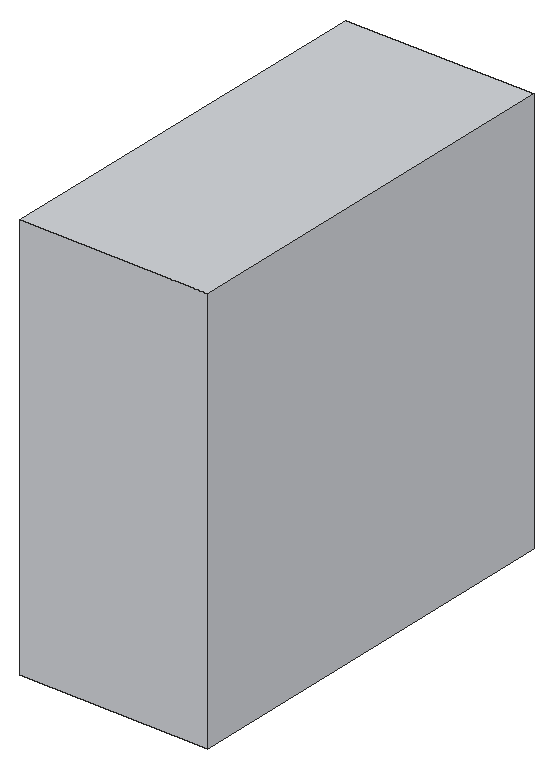
Revit family "Fire Damper Type C - Rectangular", category Duct Accessories, Revit 2017
Family settings
  Round Connector Dimension = Use Diameter
  Part Type = Damper
  OmniClass Number = 23.60.70.11.11
  OmniClass Title = Fire Dampers
  Work Plane-Based = No
  Always vertical = Yes
  Cut with Voids When Loaded = No
  Shared = No
Parameters (values of type "Design to Fab")
  Width 1 [instance] = if(and(Duct Width < 4' 0", Duct Height < 4' 0"), 0' 0 1/2", if(or(Duct Width > 8' 0", Duct Height > 8' 0"), 0' 1 1/2", 0' 1"))  # 0' - 0 1/2"
  Symbol Width [instance] = Damper Width * 2  # 2' - 2"
  Symbol Radius [instance] = Damper Length * 0.2  # 0' - 1.2"
  Pressure Drop [instance] = 4.00 in-wg
  Half Symbol Width [instance] = Symbol Width / 2  # 1' - 1"
  Half Duct Width [instance] = 1 / 2 * Duct Width  # 0' - 6"
  Half Damper Width [instance] = Damper Width / 2  # 0' - 6 1/2"
  Half Damper Length = Damper Length / 2  # 0' - 3"
  Half Damper Height [instance] = Damper Height / 2  # 0' - 6 1/2"
  Fire Damper Material = none
  Duct Width [instance] = 12"
  Duct Height [instance] = 12"
  Damper Width [instance] = Duct Width + Width 1 * 2  # 1' - 1"
  Damper Length = 0' - 6"
  Damper Height [instance] = Duct Height + Width 1 * 2  # 13"
Reference planes (in)
  plane 1 "Center (Front/Back)": y = 0
  plane 2: z = 0
  plane 3 "Center (Left/Right)": x = 0
  plane 4: x = -3
  plane 5: x = 3
  plane 6: z = 6.5
  plane 7: z = -6.5
  plane 8: y = 6.5
  plane 9: y = -6.5
  plane 10: y = 13
  plane 11: y = -13
  plane 12: y = 6
  plane 13: y = -6
Forms (in)
  Extrusion 1, solid, material <- "Fire Damper Material"
    sketch origin (0, 0, 0) x (0, 1, 0) y (0, 0, 1)
      loop
        line (6.5, 6.5) -> (-6.5, 6.5) -> (-6.5, -6.5) -> (6.5, -6.5) -> (6.5, 6.5)
    from -3 to 3
Lines and regions (in)
  symbolic lines, detail levels coarse+medium
    curve 1: line (-3, 13, 0) -> (0, 13, 0)
    curve 2: line (0, 13, 0) -> (0, -13, 0)
    curve 3: line (-3, 6, 0) -> (-3, -6, 0)
    curve 4: line (3, 6, 0) -> (3, -6, 0)
    curve 5: circle (0, 0, 0) r 1.2 normal (0, 0, 1)
  symbolic lines, detail levels fine
    curve 6: line (-3, 6.5, 0) -> (3, 6.5, 0)
    curve 7: line (-3, -6.5, 0) -> (-3, 6.5, 0)
    curve 8: line (3, -6.5, 0) -> (-3, -6.5, 0)
    curve 9: line (3, 6.5, 0) -> (3, -6.5, 0)
Dimensions and locks (in)
  "Half Damper Length": plane 4 to plane 3 "Center (Left/Right)"
  "Half Damper Length": plane 3 "Center (Left/Right)" to plane 5
  "Half Damper Height": plane 6 to plane 2
  "Half Damper Height": plane 2 to plane 7
  "Half Damper Width": plane 8 to plane 1 "Center (Front/Back)"
  "Half Damper Width": plane 1 "Center (Front/Back)" to plane 9
  "Half Symbol Width": plane 10 to plane 1 "Center (Front/Back)"
  "Half Symbol Width": plane 11 to plane 1 "Center (Front/Back)"
  "Half Duct Width": plane 1 "Center (Front/Back)" to plane 12
  "Half Duct Width": plane 13 to plane 1 "Center (Front/Back)"
  "Symbol Radius": radius of curve 5
  aligned and locked: Extrusion 1 to plane 4
  aligned and locked: plane 5 to Extrusion 1
  aligned and locked: plane 6 to Extrusion 1
  aligned and locked: Extrusion 1 to plane 7
  aligned and locked: Extrusion 1 to plane 8
  aligned and locked: plane 9 to Extrusion 1
  aligned and locked: plane 4 to curve 1
  aligned and locked: curve 1 to plane 10
  aligned and locked: plane 10 to curve 2
  aligned and locked: plane 11 to curve 2
  aligned and locked: curve 2 to plane 3 "Center (Left/Right)"
  aligned and locked: plane 12 to curve 3
  aligned and locked: plane 13 to curve 3
  aligned and locked: curve 3 to plane 4
  aligned and locked: plane 12 to curve 4
  aligned and locked: plane 13 to curve 4
  aligned and locked: curve 4 to plane 5
  aligned and locked: plane 3 "Center (Left/Right)" to curve 5
  aligned and locked: plane 1 "Center (Front/Back)" to curve 5
  aligned and locked: plane 8 to curve 6
  aligned and locked: curve 8 to plane 9
  aligned and locked: curve 9 to plane 5
  aligned and locked: plane 4 to curve 7
Automatic sketch dimensions
  plane 1 "Center (Front/Back)" to Extrusion 1 sketch curve = 0' - 6 1/2"
  Extrusion 1 sketch curve to plane 1 "Center (Front/Back)" = 0' - 6 1/2"
  Extrusion 1 sketch curve to level = 0' - 6 1/2"
  level to Extrusion 1 sketch curve = 0' - 6 1/2"
Connectors (in)
  hvac at (-3, 0, 0), driven by "Duct Height", driven by "Duct Width", driven by "Pressure Drop"
    settings: on Extrusion 1, index 1, duct flow 0 CFM, flow factor 0, pres drop 4.00 in-wg, loss coef 0, conn angle 0.00°, conn width 12", conn height 12", conn diameter 24", duct sys type 29, conn prof type 1, flow config 0, flow direction 0, loss method 4, conn ref index 2, conn util no, is conn primary yes, conn desc ""
  hvac at (3, 0, 0), driven by "Duct Height", driven by "Duct Width"
    settings: on Extrusion 1, index 2, duct flow 0 CFM, flow factor 0, pres drop 0.00 in-wg, loss coef 0, conn angle 0.00°, conn width 12", conn height 12", conn diameter 24", duct sys type 29, conn prof type 1, flow config 0, flow direction 0, loss method 4, conn ref index 1, conn util no, is conn primary no, conn desc ""
